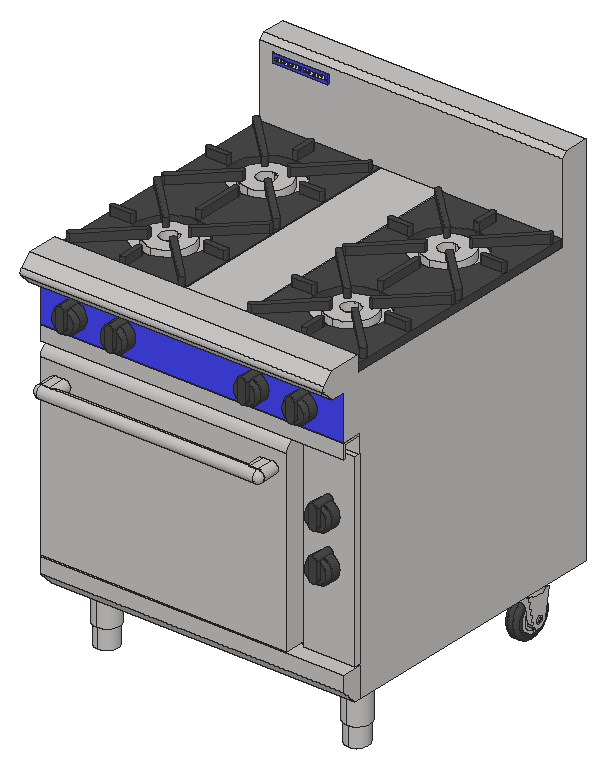
Revit family "QF_MOFFAT_BLUESEAL_CE_GE505D", category Specialty Equipment, Revit 2012
Parameters
  Width = 750 mm  # constant formula
  Weight in Pounds = 401
  Watts = 5500 W
  Volts = 400 V
  URL Cutsheet = "www.moffat.com"
  URL = "www.moffat.com"
  Type Mark [instance] = ""
  Status [instance] = ""
  Specification by User [instance] = ""
  Specification by Manufacturer = ""
  Show Logo [instance] = yes
  Show Clearance [instance] = yes
  Show Casters [instance] = yes
  Serial Number = ""
  Seismic Rating = ""
  SMACNA No = ""
  Revision Code [instance] = ""
  Phase = 3
  Omniclass Number and Title = ""
  Number of Poles [instance] = 1
  NAFEM Spec ID Number = ""
  Model = "GE505D"
  Min Ckt Ampacity = 0 A
  Mechanical Remarks [instance] = ""
  Mechanical Connection Type [instance] = ""
  Max Overcurrent Protection = 0 A
  Masterspec = ""
  Manufacturer = "MOFFAT BLUESEAL"
  Legs [instance] = not(Show Casters)  # no
  Item Number [instance] = ""
  Installed By [instance] = ""
  Identify Quantity as Lot [instance] = yes
  Height = 1085 mm  # constant formula
  HP = ""
  Gas Size = 3/4"
  Gas RI Height [instance] = 0 mm
  Gas KW [instance] = 31.1
  Gas Input [instance] = 106155.0 Btu/h
  Gas Connection Height = 0 mm
  Furnished By [instance] = ""
  Foodservice Equipment Identifier [instance] = yes
  FL Amps = 7.8 A
  Electrical Remarks = "7.8A PER PHASE"
  Electric Connection Type = ""
  Elec Conn RI Height = 0 mm
  Elec Conn Connection Height = 0 mm
  Description = "750MM GAS RANGE WITH ELECTRIC STATIC OVEN"
  Depth = 812 mm  # constant formula
  Cycle = 50 Hz
  Conn Plug = ""
  Conn Conduit = yes
  CSI MasterFormat = ""
  CSI Master Format = ""
  Apparent Power = 0 VA
Reference planes
  plane 1 "BACK": y = 0
  plane 2: z = 0
  plane 3 "LEFT": x = 0
  plane 4 "RIGHT": x = 750
  plane 5 "FRONT": y = -812
  plane 6 "TOP": z = 970
  plane 7 "Center Y": x = 375
  plane 8 "Center X": y = -406
  plane 9: y = -100
  plane 10 "Base Height": z = 150
  plane 11: x = 65.8
  plane 12: x = 620
  plane 13: x = 685
  plane 14: x = 684.2
  plane 15: y = -500
  plane 16: x = 676
  plane 17: z = 1085
Forms (mm)
  Extrusion 1, solid, material "QF_Finishes_Stainless Steel"
    sketch origin (0, 0, 0) x (0, 1, 0) y (0, 0, 1)
      loop
        line (-784.97, 850) -> (-749, 850) -> (-749, 740) -> (-699, 740) -> (-699, 150) -> (0, 150) -> (0, 1085) -> (-57.5, 1085) -> (-70, 1072.5) -> (-70, 875) -> (-705, 875) -> (-705, 915) -> (-783.97, 915) -> (-808.469, 890.501)
        arc (-808.469, 890.501) -> (-811.99, 882) -> (-808.469, 873.499) r 12.022
        line (-808.469, 873.499) -> (-784.97, 850)
    from 0 to 750
  Extrusion 2, solid, material "QF_Finishes_Stainless Steel"
    sketch origin (555.062, 3, 100) x (1, 0, 0) y (0, 1, 0)
      loop
        circle (65, -35) r 13.5
    from 555 to 640
  Revolve 3, solid, material "QF_Finishes_Stainless Steel"
    sketch origin (65, -728, 0) x (0, 1, 0) y (0, 0, 1)
      loop
        line (71.25, 150) -> (71.25, 50) -> (75.5, 50) -> (75.5, 0) -> (103, 0) -> (103, 150) -> (71.25, 150)
      axis (103, 150) -> (103, 0)
    angle from 0 to 360
  Extrusion 4, solid, material "QF_Finishes_Black"
    sketch origin (0, -70, 875) x (0, -1, 0) y (1, 0, 0)
      loop
        arc (1, 4) -> (1.879, 1.879) -> (4, 1) r 3
        line (4, 1) -> (632, 1)
        arc (632, 1) -> (634.121, 1.879) -> (635, 4) r 3
        line (635, 4) -> (635, 297)
        arc (635, 297) -> (634.121, 299.121) -> (632, 300) r 3
        line (632, 300) -> (4, 300)
        arc (4, 300) -> (1.879, 299.121) -> (1, 297) r 3
        line (1, 297) -> (1, 4)
      loop
        circle (167.5, 150) r 85
      loop
        circle (467.768, 150) r 85
    from 0 to 19.5
  Extrusion 5, solid, material "QF_Finishes_Black"
    sketch origin (0, -73.5, 894.5) x (0, -1, 0) y (1, 0, 0)
      loop
        spline (323.602, 15.153) -> (322.681, 13.924) -> (322.131, 12.47) -> (321.99, 10.89) -> (322.267, 9.292) -> (322.943, 7.786) -> (323.973, 6.473) -> (325.286, 5.443) -> (326.792, 4.767) -> (328.39, 4.49) -> (329.97, 4.631) -> (331.424, 5.181) -> (332.653, 6.102)
        line (332.653, 6.102) -> (440.576, 114.025)
        spline (440.576, 114.025) -> (441.337, 115.095) -> (441.738, 116.399) -> (441.751, 117.851) -> (441.375, 119.35) -> (440.637, 120.795) -> (439.586, 122.086) -> (438.295, 123.137) -> (436.85, 123.875) -> (435.351, 124.251) -> (433.899, 124.238) -> (432.595, 123.837) -> (431.525, 123.076)
        line (431.525, 123.076) -> (323.602, 15.153)
      loop
        spline (371.852, 143.6) -> (373.146, 143.818) -> (374.352, 144.457) -> (375.388, 145.475) -> (376.182, 146.8) -> (376.682, 148.344) -> (376.852, 150) -> (376.682, 151.656) -> (376.182, 153.2) -> (375.388, 154.525) -> (374.352, 155.543) -> (373.146, 156.182) -> (371.852, 156.4)
        line (371.852, 156.4) -> (259.398, 156.4)
        spline (259.398, 156.4) -> (258.104, 156.182) -> (256.898, 155.543) -> (255.862, 154.525) -> (255.068, 153.2) -> (254.568, 151.656) -> (254.398, 150) -> (254.568, 148.344) -> (255.068, 146.8) -> (255.862, 145.475) -> (256.898, 144.457) -> (258.104, 143.818) -> (259.398, 143.6)
        line (259.398, 143.6) -> (371.852, 143.6)
      loop
        line (311.398, 15.153) -> (203.475, 123.076)
        spline (203.475, 123.076) -> (202.405, 123.837) -> (201.101, 124.238) -> (199.649, 124.251) -> (198.15, 123.875) -> (196.705, 123.137) -> (195.414, 122.086) -> (194.363, 120.795) -> (193.625, 119.35) -> (193.249, 117.851) -> (193.262, 116.399) -> (193.663, 115.095) -> (194.424, 114.025)
        line (194.424, 114.025) -> (302.347, 6.102)
        spline (302.347, 6.102) -> (303.416, 5.341) -> (304.721, 4.941) -> (306.172, 4.928) -> (307.671, 5.303) -> (309.116, 6.041) -> (310.408, 7.092) -> (311.459, 8.384) -> (312.197, 9.829) -> (312.572, 11.328) -> (312.559, 12.779) -> (312.159, 14.084) -> (311.398, 15.153)
      loop
        line (323.602, 284.847) -> (431.525, 176.924)
        spline (431.525, 176.924) -> (432.595, 176.163) -> (433.899, 175.762) -> (435.351, 175.749) -> (436.85, 176.125) -> (438.295, 176.863) -> (439.586, 177.914) -> (440.637, 179.205) -> (441.375, 180.65) -> (441.751, 182.149) -> (441.738, 183.601) -> (441.337, 184.905) -> (440.576, 185.975)
        line (440.576, 185.975) -> (332.653, 293.898)
        spline (332.653, 293.898) -> (331.424, 294.819) -> (329.97, 295.369) -> (328.39, 295.51) -> (326.792, 295.233) -> (325.286, 294.557) -> (323.973, 293.527) -> (322.943, 292.214) -> (322.267, 290.708) -> (321.99, 289.11) -> (322.131, 287.53) -> (322.681, 286.076) -> (323.602, 284.847)
      loop
        spline (311.398, 284.847) -> (312.159, 285.916) -> (312.559, 287.221) -> (312.572, 288.672) -> (312.197, 290.171) -> (311.459, 291.616) -> (310.408, 292.908) -> (309.116, 293.959) -> (307.671, 294.697) -> (306.172, 295.072) -> (304.721, 295.059) -> (303.416, 294.659) -> (302.347, 293.898)
        line (302.347, 293.898) -> (194.424, 185.975)
        spline (194.424, 185.975) -> (193.663, 184.905) -> (193.262, 183.601) -> (193.249, 182.149) -> (193.625, 180.65) -> (194.363, 179.205) -> (195.414, 177.914) -> (196.705, 176.863) -> (198.15, 176.125) -> (199.649, 175.749) -> (201.101, 175.762) -> (202.405, 176.163) -> (203.475, 176.924)
        line (203.475, 176.924) -> (311.398, 284.847)
      loop
        spline (73.549, 143.6) -> (74.844, 143.818) -> (76.049, 144.457) -> (77.085, 145.475) -> (77.88, 146.8) -> (78.379, 148.344) -> (78.549, 150) -> (78.379, 151.656) -> (77.88, 153.2) -> (77.085, 154.525) -> (76.049, 155.543) -> (74.844, 156.182) -> (73.549, 156.4)
        line (73.549, 156.4) -> (25.093, 156.4)
        spline (25.093, 156.4) -> (23.799, 156.182) -> (22.593, 155.543) -> (21.558, 154.525) -> (20.763, 153.2) -> (20.264, 151.656) -> (20.093, 150) -> (20.264, 148.344) -> (20.763, 146.8) -> (21.558, 145.475) -> (22.593, 144.457) -> (23.799, 143.818) -> (25.093, 143.6)
        line (25.093, 143.6) -> (73.549, 143.6)
      loop
        spline (608.1, 143.6) -> (609.394, 143.818) -> (610.6, 144.457) -> (611.636, 145.475) -> (612.43, 146.8) -> (612.93, 148.344) -> (613.1, 150) -> (612.93, 151.656) -> (612.43, 153.2) -> (611.636, 154.525) -> (610.6, 155.543) -> (609.394, 156.182) -> (608.1, 156.4)
        line (608.1, 156.4) -> (558.644, 156.4)
        spline (558.644, 156.4) -> (557.35, 156.182) -> (556.144, 155.543) -> (555.108, 154.525) -> (554.314, 153.2) -> (553.814, 151.656) -> (553.644, 150) -> (553.814, 148.344) -> (554.314, 146.8) -> (555.108, 145.475) -> (556.144, 144.457) -> (557.35, 143.818) -> (558.644, 143.6)
        line (558.644, 143.6) -> (608.1, 143.6)
      loop
        spline (457.6, 10.156) -> (457.818, 8.862) -> (458.457, 7.656) -> (459.475, 6.62) -> (460.8, 5.826) -> (462.344, 5.326) -> (464, 5.156) -> (465.656, 5.326) -> (467.2, 5.826) -> (468.525, 6.62) -> (469.543, 7.656) -> (470.182, 8.862) -> (470.4, 10.156)
        line (470.4, 10.156) -> (470.4, 58.612)
        spline (470.4, 58.612) -> (470.182, 59.906) -> (469.543, 61.112) -> (468.525, 62.148) -> (467.2, 62.942) -> (465.656, 63.442) -> (464, 63.612) -> (462.344, 63.442) -> (460.8, 62.942) -> (459.475, 62.148) -> (458.457, 61.112) -> (457.818, 59.906) -> (457.6, 58.612)
        line (457.6, 58.612) -> (457.6, 10.156)
      loop
        spline (160.966, 10.156) -> (161.184, 8.862) -> (161.823, 7.656) -> (162.841, 6.62) -> (164.166, 5.826) -> (165.71, 5.326) -> (167.366, 5.156) -> (169.022, 5.326) -> (170.566, 5.826) -> (171.892, 6.62) -> (172.909, 7.656) -> (173.548, 8.862) -> (173.766, 10.156)
        line (173.766, 10.156) -> (173.766, 58.612)
        spline (173.766, 58.612) -> (173.548, 59.906) -> (172.909, 61.112) -> (171.892, 62.148) -> (170.566, 62.942) -> (169.022, 63.442) -> (167.366, 63.612) -> (165.71, 63.442) -> (164.166, 62.942) -> (162.841, 62.148) -> (161.823, 61.112) -> (161.184, 59.906) -> (160.966, 58.612)
        line (160.966, 58.612) -> (160.966, 10.156)
      loop
        spline (457.6, 241.636) -> (457.818, 240.342) -> (458.457, 239.136) -> (459.475, 238.1) -> (460.8, 237.306) -> (462.344, 236.806) -> (464, 236.636) -> (465.656, 236.806) -> (467.2, 237.306) -> (468.525, 238.1) -> (469.543, 239.136) -> (470.182, 240.342) -> (470.4, 241.636)
        line (470.4, 241.636) -> (470.4, 290.092)
        spline (470.4, 290.092) -> (470.182, 291.386) -> (469.543, 292.592) -> (468.525, 293.628) -> (467.2, 294.422) -> (465.656, 294.922) -> (464, 295.092) -> (462.344, 294.922) -> (460.8, 294.422) -> (459.475, 293.628) -> (458.457, 292.592) -> (457.818, 291.386) -> (457.6, 290.092)
        line (457.6, 290.092) -> (457.6, 241.636)
      loop
        spline (160.966, 241.636) -> (161.184, 240.342) -> (161.823, 239.136) -> (162.841, 238.1) -> (164.166, 237.306) -> (165.71, 236.806) -> (167.366, 236.636) -> (169.022, 236.806) -> (170.566, 237.306) -> (171.892, 238.1) -> (172.909, 239.136) -> (173.548, 240.342) -> (173.766, 241.636)
        line (173.766, 241.636) -> (173.766, 290.092)
        spline (173.766, 290.092) -> (173.548, 291.386) -> (172.909, 292.592) -> (171.892, 293.628) -> (170.566, 294.422) -> (169.022, 294.922) -> (167.366, 295.092) -> (165.71, 294.922) -> (164.166, 294.422) -> (162.841, 293.628) -> (161.823, 292.592) -> (161.184, 291.386) -> (160.966, 290.092)
        line (160.966, 290.092) -> (160.966, 241.636)
      loop
        line (323.602, 734.847) -> (431.525, 626.924)
        spline (431.525, 626.924) -> (432.595, 626.163) -> (433.899, 625.762) -> (435.351, 625.749) -> (436.85, 626.125) -> (438.295, 626.863) -> (439.586, 627.914) -> (440.637, 629.205) -> (441.375, 630.65) -> (441.751, 632.149) -> (441.738, 633.601) -> (441.337, 634.905) -> (440.576, 635.975)
        line (440.576, 635.975) -> (332.653, 743.898)
        spline (332.653, 743.898) -> (331.424, 744.819) -> (329.97, 745.369) -> (328.39, 745.51) -> (326.792, 745.233) -> (325.286, 744.557) -> (323.973, 743.527) -> (322.943, 742.214) -> (322.267, 740.708) -> (321.99, 739.11) -> (322.131, 737.53) -> (322.681, 736.076) -> (323.602, 734.847)
      loop
        line (371.852, 606.4) -> (259.398, 606.4)
        spline (259.398, 606.4) -> (258.104, 606.182) -> (256.898, 605.543) -> (255.862, 604.525) -> (255.068, 603.2) -> (254.568, 601.656) -> (254.398, 600) -> (254.568, 598.344) -> (255.068, 596.8) -> (255.862, 595.475) -> (256.898, 594.457) -> (258.104, 593.818) -> (259.398, 593.6)
        line (259.398, 593.6) -> (371.852, 593.6)
        spline (371.852, 593.6) -> (373.146, 593.818) -> (374.352, 594.457) -> (375.388, 595.475) -> (376.182, 596.8) -> (376.682, 598.344) -> (376.852, 600) -> (376.682, 601.656) -> (376.182, 603.2) -> (375.388, 604.525) -> (374.352, 605.543) -> (373.146, 606.182) -> (371.852, 606.4)
      loop
        spline (311.398, 734.847) -> (312.159, 735.916) -> (312.559, 737.221) -> (312.572, 738.672) -> (312.197, 740.171) -> (311.459, 741.616) -> (310.408, 742.908) -> (309.116, 743.959) -> (307.671, 744.697) -> (306.172, 745.072) -> (304.721, 745.059) -> (303.416, 744.659) -> (302.347, 743.898)
        line (302.347, 743.898) -> (194.424, 635.975)
        spline (194.424, 635.975) -> (193.663, 634.905) -> (193.262, 633.601) -> (193.249, 632.149) -> (193.625, 630.65) -> (194.363, 629.205) -> (195.414, 627.914) -> (196.705, 626.863) -> (198.15, 626.125) -> (199.649, 625.749) -> (201.101, 625.762) -> (202.405, 626.163) -> (203.475, 626.924)
        line (203.475, 626.924) -> (311.398, 734.847)
      loop
        spline (323.602, 465.153) -> (322.681, 463.924) -> (322.131, 462.47) -> (321.99, 460.89) -> (322.267, 459.292) -> (322.943, 457.786) -> (323.973, 456.473) -> (325.286, 455.443) -> (326.792, 454.767) -> (328.39, 454.49) -> (329.97, 454.631) -> (331.424, 455.181) -> (332.653, 456.102)
        line (332.653, 456.102) -> (440.576, 564.025)
        spline (440.576, 564.025) -> (441.337, 565.095) -> (441.738, 566.399) -> (441.751, 567.851) -> (441.375, 569.35) -> (440.637, 570.795) -> (439.586, 572.086) -> (438.295, 573.137) -> (436.85, 573.875) -> (435.351, 574.251) -> (433.899, 574.238) -> (432.595, 573.837) -> (431.525, 573.076)
        line (431.525, 573.076) -> (323.602, 465.153)
      loop
        line (311.398, 465.153) -> (203.475, 573.076)
        spline (203.475, 573.076) -> (202.405, 573.837) -> (201.101, 574.238) -> (199.649, 574.251) -> (198.15, 573.875) -> (196.705, 573.137) -> (195.414, 572.086) -> (194.363, 570.795) -> (193.625, 569.35) -> (193.249, 567.851) -> (193.262, 566.399) -> (193.663, 565.095) -> (194.424, 564.025)
        line (194.424, 564.025) -> (302.347, 456.102)
        spline (302.347, 456.102) -> (303.416, 455.341) -> (304.721, 454.941) -> (306.172, 454.928) -> (307.671, 455.303) -> (309.116, 456.041) -> (310.408, 457.092) -> (311.459, 458.384) -> (312.197, 459.829) -> (312.572, 461.328) -> (312.559, 462.779) -> (312.159, 464.084) -> (311.398, 465.153)
      loop
        line (73.549, 606.4) -> (25.093, 606.4)
        spline (25.093, 606.4) -> (23.799, 606.182) -> (22.593, 605.543) -> (21.558, 604.525) -> (20.763, 603.2) -> (20.264, 601.656) -> (20.093, 600) -> (20.264, 598.344) -> (20.763, 596.8) -> (21.558, 595.475) -> (22.593, 594.457) -> (23.799, 593.818) -> (25.093, 593.6)
        line (25.093, 593.6) -> (73.549, 593.6)
        spline (73.549, 593.6) -> (74.844, 593.818) -> (76.049, 594.457) -> (77.085, 595.475) -> (77.88, 596.8) -> (78.379, 598.344) -> (78.549, 600) -> (78.379, 601.656) -> (77.88, 603.2) -> (77.085, 604.525) -> (76.049, 605.543) -> (74.844, 606.182) -> (73.549, 606.4)
      loop
        line (608.1, 606.4) -> (558.644, 606.4)
        spline (558.644, 606.4) -> (557.35, 606.182) -> (556.144, 605.543) -> (555.108, 604.525) -> (554.314, 603.2) -> (553.814, 601.656) -> (553.644, 600) -> (553.814, 598.344) -> (554.314, 596.8) -> (555.108, 595.475) -> (556.144, 594.457) -> (557.35, 593.818) -> (558.644, 593.6)
        line (558.644, 593.6) -> (608.1, 593.6)
        spline (608.1, 593.6) -> (609.394, 593.818) -> (610.6, 594.457) -> (611.636, 595.475) -> (612.43, 596.8) -> (612.93, 598.344) -> (613.1, 600) -> (612.93, 601.656) -> (612.43, 603.2) -> (611.636, 604.525) -> (610.6, 605.543) -> (609.394, 606.182) -> (608.1, 606.4)
      loop
        line (457.6, 739.844) -> (457.6, 691.388)
        spline (457.6, 691.388) -> (457.818, 690.094) -> (458.457, 688.888) -> (459.475, 687.852) -> (460.8, 687.058) -> (462.344, 686.558) -> (464, 686.388) -> (465.656, 686.558) -> (467.2, 687.058) -> (468.525, 687.852) -> (469.543, 688.888) -> (470.182, 690.094) -> (470.4, 691.388)
        line (470.4, 691.388) -> (470.4, 739.844)
        spline (470.4, 739.844) -> (470.182, 741.138) -> (469.543, 742.344) -> (468.525, 743.38) -> (467.2, 744.174) -> (465.656, 744.674) -> (464, 744.844) -> (462.344, 744.674) -> (460.8, 744.174) -> (459.475, 743.38) -> (458.457, 742.344) -> (457.818, 741.138) -> (457.6, 739.844)
      loop
        line (160.966, 739.844) -> (160.966, 691.388)
        spline (160.966, 691.388) -> (161.184, 690.094) -> (161.823, 688.888) -> (162.841, 687.852) -> (164.166, 687.058) -> (165.71, 686.558) -> (167.366, 686.388) -> (169.022, 686.558) -> (170.566, 687.058) -> (171.892, 687.852) -> (172.909, 688.888) -> (173.548, 690.094) -> (173.766, 691.388)
        line (173.766, 691.388) -> (173.766, 739.844)
        spline (173.766, 739.844) -> (173.548, 741.138) -> (172.909, 742.344) -> (171.892, 743.38) -> (170.566, 744.174) -> (169.022, 744.674) -> (167.366, 744.844) -> (165.71, 744.674) -> (164.166, 744.174) -> (162.841, 743.38) -> (161.823, 742.344) -> (161.184, 741.138) -> (160.966, 739.844)
      loop
        line (457.6, 508.364) -> (457.6, 459.908)
        spline (457.6, 459.908) -> (457.818, 458.614) -> (458.457, 457.408) -> (459.475, 456.372) -> (460.8, 455.578) -> (462.344, 455.078) -> (464, 454.908) -> (465.656, 455.078) -> (467.2, 455.578) -> (468.525, 456.372) -> (469.543, 457.408) -> (470.182, 458.614) -> (470.4, 459.908)
        line (470.4, 459.908) -> (470.4, 508.364)
        spline (470.4, 508.364) -> (470.182, 509.658) -> (469.543, 510.864) -> (468.525, 511.9) -> (467.2, 512.694) -> (465.656, 513.194) -> (464, 513.364) -> (462.344, 513.194) -> (460.8, 512.694) -> (459.475, 511.9) -> (458.457, 510.864) -> (457.818, 509.658) -> (457.6, 508.364)
      loop
        line (160.966, 508.364) -> (160.966, 459.908)
        spline (160.966, 459.908) -> (161.184, 458.614) -> (161.823, 457.408) -> (162.841, 456.372) -> (164.166, 455.578) -> (165.71, 455.078) -> (167.366, 454.908) -> (169.022, 455.078) -> (170.566, 455.578) -> (171.892, 456.372) -> (172.909, 457.408) -> (173.548, 458.614) -> (173.766, 459.908)
        line (173.766, 459.908) -> (173.766, 508.364)
        spline (173.766, 508.364) -> (173.548, 509.658) -> (172.909, 510.864) -> (171.892, 511.9) -> (170.566, 512.694) -> (169.022, 513.194) -> (167.366, 513.364) -> (165.71, 513.194) -> (164.166, 512.694) -> (162.841, 511.9) -> (161.823, 510.864) -> (161.184, 509.658) -> (160.966, 508.364)
      loop
        spline (604.398, 734.847) -> (605.319, 736.076) -> (605.869, 737.53) -> (606.01, 739.11) -> (605.733, 740.708) -> (605.057, 742.214) -> (604.027, 743.527) -> (602.714, 744.557) -> (601.208, 745.233) -> (599.61, 745.51) -> (598.03, 745.369) -> (596.576, 744.819) -> (595.347, 743.898)
        line (595.347, 743.898) -> (487.424, 635.975)
        spline (487.424, 635.975) -> (486.663, 634.905) -> (486.262, 633.601) -> (486.249, 632.149) -> (486.625, 630.65) -> (487.363, 629.205) -> (488.414, 627.914) -> (489.705, 626.863) -> (491.15, 626.125) -> (492.649, 625.749) -> (494.101, 625.762) -> (495.405, 626.163) -> (496.475, 626.924)
        line (496.475, 626.924) -> (604.398, 734.847)
      loop
        line (604.398, 465.153) -> (496.475, 573.076)
        spline (496.475, 573.076) -> (495.405, 573.837) -> (494.101, 574.238) -> (492.649, 574.251) -> (491.15, 573.875) -> (489.705, 573.137) -> (488.414, 572.086) -> (487.363, 570.795) -> (486.625, 569.35) -> (486.249, 567.851) -> (486.262, 566.399) -> (486.663, 565.095) -> (487.424, 564.025)
        line (487.424, 564.025) -> (595.347, 456.102)
        spline (595.347, 456.102) -> (596.576, 455.181) -> (598.03, 454.631) -> (599.61, 454.49) -> (601.208, 454.767) -> (602.714, 455.443) -> (604.027, 456.473) -> (605.057, 457.786) -> (605.733, 459.292) -> (606.01, 460.89) -> (605.869, 462.47) -> (605.319, 463.924) -> (604.398, 465.153)
      loop
        line (604.398, 15.153) -> (496.475, 123.076)
        spline (496.475, 123.076) -> (495.405, 123.837) -> (494.101, 124.238) -> (492.649, 124.251) -> (491.15, 123.875) -> (489.705, 123.137) -> (488.414, 122.086) -> (487.363, 120.795) -> (486.625, 119.35) -> (486.249, 117.851) -> (486.262, 116.399) -> (486.663, 115.095) -> (487.424, 114.025)
        line (487.424, 114.025) -> (595.347, 6.102)
        spline (595.347, 6.102) -> (596.576, 5.181) -> (598.03, 4.631) -> (599.61, 4.49) -> (601.208, 4.767) -> (602.714, 5.443) -> (604.027, 6.473) -> (605.057, 7.786) -> (605.733, 9.292) -> (606.01, 10.89) -> (605.869, 12.47) -> (605.319, 13.924) -> (604.398, 15.153)
      loop
        spline (604.398, 284.847) -> (605.319, 286.076) -> (605.869, 287.53) -> (606.01, 289.11) -> (605.733, 290.708) -> (605.057, 292.214) -> (604.027, 293.527) -> (602.714, 294.557) -> (601.208, 295.233) -> (599.61, 295.51) -> (598.03, 295.369) -> (596.576, 294.819) -> (595.347, 293.898)
        line (595.347, 293.898) -> (487.424, 185.975)
        spline (487.424, 185.975) -> (486.663, 184.905) -> (486.262, 183.601) -> (486.249, 182.149) -> (486.625, 180.65) -> (487.363, 179.205) -> (488.414, 177.914) -> (489.705, 176.863) -> (491.15, 176.125) -> (492.649, 175.749) -> (494.101, 175.762) -> (495.405, 176.163) -> (496.475, 176.924)
        line (496.475, 176.924) -> (604.398, 284.847)
      loop
        line (16.602, 734.847) -> (124.525, 626.924)
        spline (124.525, 626.924) -> (125.595, 626.163) -> (126.899, 625.762) -> (128.351, 625.749) -> (129.85, 626.125) -> (131.295, 626.863) -> (132.586, 627.914) -> (133.637, 629.205) -> (134.375, 630.65) -> (134.751, 632.149) -> (134.738, 633.601) -> (134.337, 634.905) -> (133.576, 635.975)
        line (133.576, 635.975) -> (25.653, 743.898)
        spline (25.653, 743.898) -> (24.584, 744.659) -> (23.279, 745.059) -> (21.828, 745.072) -> (20.329, 744.697) -> (18.884, 743.959) -> (17.592, 742.908) -> (16.541, 741.616) -> (15.803, 740.171) -> (15.428, 738.672) -> (15.441, 737.221) -> (15.841, 735.916) -> (16.602, 734.847)
      loop
        spline (16.602, 465.153) -> (15.841, 464.084) -> (15.441, 462.779) -> (15.428, 461.328) -> (15.803, 459.829) -> (16.541, 458.384) -> (17.592, 457.092) -> (18.884, 456.041) -> (20.329, 455.303) -> (21.828, 454.928) -> (23.279, 454.941) -> (24.584, 455.341) -> (25.653, 456.102)
        line (25.653, 456.102) -> (133.576, 564.025)
        spline (133.576, 564.025) -> (134.337, 565.095) -> (134.738, 566.399) -> (134.751, 567.851) -> (134.375, 569.35) -> (133.637, 570.795) -> (132.586, 572.086) -> (131.295, 573.137) -> (129.85, 573.875) -> (128.351, 574.251) -> (126.899, 574.238) -> (125.595, 573.837) -> (124.525, 573.076)
        line (124.525, 573.076) -> (16.602, 465.153)
      loop
        spline (16.602, 15.153) -> (15.841, 14.084) -> (15.441, 12.779) -> (15.428, 11.328) -> (15.803, 9.829) -> (16.541, 8.384) -> (17.592, 7.092) -> (18.884, 6.041) -> (20.329, 5.303) -> (21.828, 4.928) -> (23.279, 4.941) -> (24.584, 5.341) -> (25.653, 6.102)
        line (25.653, 6.102) -> (133.576, 114.025)
        spline (133.576, 114.025) -> (134.337, 115.095) -> (134.738, 116.399) -> (134.751, 117.851) -> (134.375, 119.35) -> (133.637, 120.795) -> (132.586, 122.086) -> (131.295, 123.137) -> (129.85, 123.875) -> (128.351, 124.251) -> (126.899, 124.238) -> (125.595, 123.837) -> (124.525, 123.076)
        line (124.525, 123.076) -> (16.602, 15.153)
      loop
        line (16.602, 284.847) -> (124.525, 176.924)
        spline (124.525, 176.924) -> (125.595, 176.163) -> (126.899, 175.762) -> (128.351, 175.749) -> (129.85, 176.125) -> (131.295, 176.863) -> (132.586, 177.914) -> (133.637, 179.205) -> (134.375, 180.65) -> (134.751, 182.149) -> (134.738, 183.601) -> (134.337, 184.905) -> (133.576, 185.975)
        line (133.576, 185.975) -> (25.653, 293.898)
        spline (25.653, 293.898) -> (24.584, 294.659) -> (23.279, 295.059) -> (21.828, 295.072) -> (20.329, 294.697) -> (18.884, 293.959) -> (17.592, 292.908) -> (16.541, 291.616) -> (15.803, 290.171) -> (15.428, 288.672) -> (15.441, 287.221) -> (15.841, 285.916) -> (16.602, 284.847)
    from 0 to 20.5
  Revolve 6, solid, material "QF_Finishes_Stainless Steel"
    sketch origin (685, -728, 0) x (0, 1, 0) y (0, 0, -1)
      loop
        line (71.25, -150) -> (103, -150) -> (103, 0) -> (75.5, 0) -> (75.5, -50) -> (71.25, -50) -> (71.25, -150)
      axis (103, -150) -> (103, 0)
    angle from 0 to 360
  Extrusion 7, solid, material "QF_Finishes_Stainless Steel"
    sketch origin (0, -70, 875) x (0, -1, 0) y (1, 0, 0)
      loop
        line (634, 300) -> (634, 450) -> (0, 450) -> (0, 300) -> (634, 300)
    from 0 to 19.5
  Extrusion 8, void
    sketch origin (0, -749, 227.5) x (0, 0, -1) y (-1, 0, 0)
      loop
        line (-465, -610) -> (-465, -625) -> (0, -625) -> (0, -610) -> (-465, -610)
    from -7 to 50
  Extrusion 9, solid, material "QF_Finishes_Black"
    sketch origin (750, -70, 875) x (0, -1, 0) y (1, 0, 0)
      loop
        line (1, -4) -> (1, -297)
        arc (1, -297) -> (1.879, -299.121) -> (4, -300) r 3
        line (4, -300) -> (632, -300)
        arc (632, -300) -> (634.121, -299.121) -> (635, -297) r 3
        line (635, -297) -> (635, -4)
        arc (635, -4) -> (634.121, -1.879) -> (632, -1) r 3
        line (632, -1) -> (4, -1)
        arc (4, -1) -> (1.879, -1.879) -> (1, -4) r 3
      loop
        circle (167.5, -150) r 85
      loop
        circle (467.768, -150) r 85
    from 0 to 19.5
  Revolve 10, solid, material "QF_Finishes_Black"
    sketch origin (210, 7, 758.895) x (0, -1, 0) y (0, 0, 1)
      loop
        line (789, 69.605) -> (766, 69.605) -> (766, 42.105) -> (756, 42.105) -> (756, 37.105) -> (800, 37.105) -> (800, 63.757) -> (789, 69.605)
      axis (800, 37.105) -> (756, 37.105)
    angle from 0 to 360
  Revolve 11, solid, material "QF_Finishes_Black"
    sketch origin (89.999, 7, 758.768) x (0, 1, 0) y (0, 0, -1)
      loop
        line (-789, -69.5) -> (-766, -69.5) -> (-766, -42) -> (-756, -42) -> (-756, -37) -> (-800, -37) -> (-800, -63.651) -> (-789, -69.5)
      axis (-800, -37) -> (-756, -37)
    angle from 0 to 360
  Extrusion 12, solid, material "QF_Finishes_Black"
    sketch origin (228.269, 7, 758.926) x (-1, 0, 0) y (0, 0, -1)
      loop
        arc (148.269, -24.969) -> (138.269, -14.969) -> (128.269, -24.969) r 10
        line (128.269, -24.969) -> (128.269, -63.969)
        arc (128.269, -63.969) -> (138.269, -73.969) -> (148.269, -63.969) r 10
        line (148.269, -63.969) -> (148.269, -24.969)
    from 759 to 808
  Extrusion 13, solid, material "QF_Finishes_Black"
    sketch origin (349.45, 7, 758.926) x (-1, 0, 0) y (0, 0, -1)
      loop
        arc (148.269, -24.969) -> (138.269, -14.969) -> (128.269, -24.969) r 10
        line (128.269, -24.969) -> (128.269, -63.969)
        arc (128.269, -63.969) -> (138.269, -73.969) -> (148.269, -63.969) r 10
        line (148.269, -63.969) -> (148.269, -24.969)
    from 759 to 808
  Revolve 14, solid, material "QF_Finishes_Black"
    sketch origin (540, 7, 758.895) x (0, -1, 0) y (0, 0, -1)
      loop
        line (789, -69.605) -> (800, -63.757) -> (800, -37.105) -> (756, -37.105) -> (756, -42.105) -> (766, -42.105) -> (766, -69.605) -> (789, -69.605)
      axis (800, -37.105) -> (756, -37.105)
    angle from 0 to 360
  Revolve 15, solid, material "QF_Finishes_Black"
    sketch origin (660.001, 7, 758.768) x (0, 1, 0) y (0, 0, 1)
      loop
        line (-789, 69.5) -> (-800, 63.651) -> (-800, 37) -> (-756, 37) -> (-756, 42) -> (-766, 42) -> (-766, 69.5) -> (-789, 69.5)
      axis (-800, 37) -> (-756, 37)
    angle from 0 to 360
  Extrusion 16, solid, material "QF_Finishes_Black"
    sketch origin (521.731, 7, 758.926) x (1, 0, 0) y (0, 0, 1)
      loop
        line (148.269, 24.969) -> (148.269, 63.969)
        arc (148.269, 63.969) -> (138.269, 73.969) -> (128.269, 63.969) r 10
        line (128.269, 63.969) -> (128.269, 24.969)
        arc (128.269, 24.969) -> (138.269, 14.969) -> (148.269, 24.969) r 10
    from 759 to 808
  Extrusion 17, solid, material "QF_Finishes_Black"
    sketch origin (401.731, 7, 758.926) x (1, 0, 0) y (0, 0, 1)
      loop
        line (148.269, 24.969) -> (148.269, 63.969)
        arc (148.269, 63.969) -> (138.269, 73.969) -> (128.269, 63.969) r 10
        line (128.269, 63.969) -> (128.269, 24.969)
        arc (128.269, 24.969) -> (138.269, 14.969) -> (148.269, 24.969) r 10
    from 759 to 808
  Revolve 18, solid, material "QF_Finishes_Black"
    sketch origin (687.53, 42.5, 355.134) x (0, 1, 0) y (0, 0, 1)
      loop
        line (-789, 229.5) -> (-800, 223.651) -> (-800, 197) -> (-756, 197) -> (-756, 202) -> (-766, 202) -> (-766, 229.5) -> (-789, 229.5)
      axis (-800, 197) -> (-756, 197)
    angle from 0 to 360
  Extrusion 19, solid, material "QF_Finishes_Black"
    sketch origin (549.26, 42.5, 355.292) x (1, 0, 0) y (0, 0, 1)
      loop
        line (148.269, 184.969) -> (148.269, 223.969)
        arc (148.269, 223.969) -> (138.269, 233.969) -> (128.269, 223.969) r 10
        line (128.269, 223.969) -> (128.269, 184.969)
        arc (128.269, 184.969) -> (138.269, 174.969) -> (148.269, 184.969) r 10
    from 759 to 808
  Extrusion 20, solid, material "QF_Door-Drawer Clearances", visible <- "Show Clearance", detail levels coarse
    sketch origin (0, 7, 0) x (0, -1, 0) y (0, 0, 1)
      loop
        line (756, 690.016) -> (756, 227.5) -> (1218.516, 227.5)
        arc (1218.516, 227.5) -> (1083.048, 554.548) -> (756, 690.016) r 462.516
    from 0 to -610
  Extrusion 21, void
    sketch origin (0, 0, 150) x (-1, 0, 0) y (0, -1, 0)
      loop
        line (-681, 87.26) -> (-681, -30.24) -> (-551.5, -30.24) -> (-551.5, 38.76) -> (-600, 87.26) -> (-681, 87.26)
    from 72.5 to 590
  Extrusion 22, void
    sketch origin (35, -749, 227.5) x (0, 0, -1) y (-1, 0, 0)
      loop
        line (-472.5, -590) -> (-472.5, -715) -> (0, -715) -> (0, -590) -> (-472.5, -590)
    from -7 to 35
  Extrusion 23, solid, material "QF_Finishes_Stainless Steel"
    sketch origin (0, -70, 875) x (0, -1, 0) y (1, 0, 0)
      loop
        circle (467.5, 600) r 57
      loop
        circle (167.5, 600) r 57
      loop
        circle (467.5, 600) r 22
      loop
        circle (167.5, 600) r 22
      loop
        circle (467.5, 150) r 57
      loop
        circle (167.5, 150) r 57
      loop
        circle (467.5, 150) r 22
      loop
        circle (167.5, 150) r 22
    from 0 to 19.5
  Extrusion 24, solid, material "QF_Finishes_Stainless Steel"
    sketch origin (0, -749, 227.5) x (0, 0, 1) y (-1, 0, 0)
      loop
        line (380.625, -38.246) -> (380.625, -58.528)
        arc (380.625, -58.528) -> (395.625, -73.528) -> (410.625, -58.528) r 15
        line (410.625, -58.528) -> (410.625, -38.246)
        arc (410.625, -38.246) -> (395.625, -23.246) -> (380.625, -38.246) r 15
      loop
        arc (380.625, -573.039) -> (395.625, -588.039) -> (410.625, -573.039) r 15
        line (410.625, -573.039) -> (410.625, -552.757)
        arc (410.625, -552.757) -> (395.625, -537.757) -> (380.625, -552.757) r 15
        line (380.625, -552.757) -> (380.625, -573.039)
    from 0 to 44
  Revolve 25, solid, material "QF_Finishes_Stainless Steel"
    sketch origin (0, -793, 0) x (1, 0, 0) y (0, 0, 1)
      loop
        arc (588.039, 623.125) -> (583.646, 633.732) -> (573.039, 638.125) r 15
        line (573.039, 638.125) -> (38.246, 638.125)
        arc (38.246, 638.125) -> (27.64, 633.732) -> (23.246, 623.125) r 15
        line (23.246, 623.125) -> (588.039, 623.125)
      axis (588.039, 623.125) -> (23.246, 623.125)
    angle from 0 to 360
  Extrusion 26, solid, material "QF_Finishes_Stainless Steel"
    sketch origin (0, 7, 0) x (0, 1, 0) y (0, 0, 1)
      loop
        line (-706, 227.5) -> (-706, 692.5) -> (-729.805, 692.5)
        arc (-729.805, 692.5) -> (-748.328, 684.828) -> (-756, 666.305) r 26.195
        line (-756, 666.305) -> (-756, 227.5) -> (-706, 227.5)
    from 0 to 750
  Extrusion 27, solid, material "QF_Finishes_Stainless Steel"
    sketch origin (0, 7, 0) x (0, 1, 0) y (0, 0, 1)
      loop
        line (-756, 738) -> (-756, 703) -> (-752.98, 703) -> (-752.98, 735) -> (-708, 735) -> (-708, 738) -> (-756, 738)
    from 0 to 750
  Extrusion 28, solid, material "QF_Finishes_Stainless Steel"
    sketch origin (0, 7, 0) x (0, 1, 0) y (0, 0, 1)
      loop
        line (-706, 222.5) -> (-756, 222.5) -> (-756, 186) -> (-720, 150) -> (-706, 150) -> (-706, 222.5)
    from 0 to 750
  Extrusion 29, solid, material "QF_Finishes_Stainless Steel"
    sketch origin (0, 0, 150) x (-1, 0, 0) y (0, -1, 0)
      loop
        circle (-676, 501) r 6.35
    from 0 to -1.6
  Extrusion 30, solid, material "QF_Finishes_Stainless Steel", visible <- "Show Casters"
    sketch origin (71.501, 133.353, -8.783) x (0, 1, 0) y (0, 0, 1)
      loop
        line (-201.603, 118.783) -> (-265.103, 118.783) -> (-252.746, 53.895)
        arc (-252.746, 53.895) -> (-233.353, 38.783) -> (-213.959, 53.895) r 20
        line (-213.959, 53.895) -> (-201.603, 118.783)
    from -35.667 to 22.923
  Revolve 31, solid, material "QF_Finishes_Stainless Steel", visible <- "Show Casters"
    sketch origin (65, -203, 0) x (0, 1, 0) y (0, 0, 1)
      loop
        line (67.25, 150) -> (67.25, 110) -> (103, 110) -> (103, 150) -> (67.25, 150)
      axis (103, 150) -> (103, 110)
    angle from 0 to 360
  Revolve 32, solid, material "QF_Finishes_Stainless Steel", visible <- "Show Casters"
    sketch origin (685, -203, 0) x (0, 1, 0) y (0, 0, -1)
      loop
        line (67.25, -150) -> (103, -150) -> (103, -110) -> (67.25, -110) -> (67.25, -150)
      axis (103, -150) -> (103, -110)
    angle from 0 to 360
  Revolve 33, solid, material "QF_Finishes_Stainless Steel", visible <- "Show Casters"
    sketch origin (635.776, -99.755, -13.653) x (1, 0, 0) y (0, 0, 1)
      loop
        line (14.841, 64.453) -> (83.584, 64.453) -> (83.584, 67.958) -> (82.314, 69.228) -> (80.79, 69.228) -> (80.79, 72.674) -> (68.644, 72.674) -> (68.644, 82.639) -> (65.088, 84.692) -> (63.738, 93.028) -> (65.881, 93.028) -> (65.881, 99.378) -> (65.088, 99.378) -> (65.088, 105.728)
        arc (65.088, 105.728) -> (62.298, 112.463) -> (55.563, 115.253) r 9.525
        line (55.563, 115.253) -> (42.863, 115.253)
        arc (42.863, 115.253) -> (36.127, 112.463) -> (33.338, 105.728) r 9.525
        line (33.338, 105.728) -> (33.338, 99.378) -> (32.544, 99.378) -> (32.544, 93.028) -> (34.687, 93.028) -> (33.352, 84.781) -> (29.782, 82.719) -> (29.782, 72.674) -> (17.635, 72.674) -> (17.635, 69.228) -> (16.111, 69.228) -> (14.841, 67.958) -> (14.841, 64.453)
      axis (14.841, 64.453) -> (83.584, 64.453)
    angle from 0 to 360
  Extrusion 34, solid, material "QF_Finishes_Stainless Steel", visible <- "Show Casters"
    sketch origin (691.501, 133.353, -8.783) x (0, 1, 0) y (0, 0, 1)
      loop
        line (-201.603, 118.783) -> (-265.103, 118.783) -> (-252.746, 53.895)
        arc (-252.746, 53.895) -> (-233.353, 38.783) -> (-213.959, 53.895) r 20
        line (-213.959, 53.895) -> (-201.603, 118.783)
    from -35.667 to 22.923
  Revolve 35, solid, material "QF_Finishes_Stainless Steel", visible <- "Legs"
    sketch origin (65, -165, 0) x (0, 1, 0) y (0, 0, 1)
      loop
        line (33.25, 150) -> (33.25, 50) -> (37.5, 50) -> (37.5, 0) -> (65, 0) -> (65, 150) -> (33.25, 150)
      axis (65, 150) -> (65, 0)
    angle from 0 to 360
  Revolve 36, solid, material "QF_Finishes_Stainless Steel", visible <- "Legs"
    sketch origin (685, -165, 0) x (0, 1, 0) y (0, 0, -1)
      loop
        line (33.25, -150) -> (65, -150) -> (65, 0) -> (37.5, 0) -> (37.5, -50) -> (33.25, -50) -> (33.25, -150)
      axis (65, -150) -> (65, 0)
    angle from 0 to 360
  Revolve 37, solid, material "QF_Finishes_Stainless Steel", visible <- "Show Casters"
    sketch origin (114.224, -99.755, -13.653) x (-1, 0, 0) y (0, 0, -1)
      loop
        line (14.841, -64.453) -> (14.841, -67.958) -> (16.111, -69.228) -> (17.635, -69.228) -> (17.635, -72.674) -> (29.782, -72.674) -> (29.782, -82.719) -> (33.352, -84.781) -> (34.687, -93.028) -> (32.544, -93.028) -> (32.544, -99.378) -> (33.338, -99.378) -> (33.338, -105.728)
        arc (33.338, -105.728) -> (36.127, -112.463) -> (42.863, -115.253) r 9.525
        line (42.863, -115.253) -> (55.563, -115.253)
        arc (55.563, -115.253) -> (62.298, -112.463) -> (65.088, -105.728) r 9.525
        line (65.088, -105.728) -> (65.088, -99.378) -> (65.881, -99.378) -> (65.881, -93.028) -> (63.738, -93.028) -> (65.088, -84.692) -> (68.644, -82.639) -> (68.644, -72.674) -> (80.79, -72.674) -> (80.79, -69.228) -> (82.314, -69.228) -> (83.584, -67.958) -> (83.584, -64.453) -> (14.841, -64.453)
      axis (14.841, -64.453) -> (83.584, -64.453)
    angle from 0 to 360
  Revolve 38, solid, material "QF_Finishes_Black"
    sketch origin (687.53, 42.5, 237.634) x (0, 1, 0) y (0, 0, 1)
      loop
        line (-789, 229.5) -> (-800, 223.651) -> (-800, 197) -> (-756, 197) -> (-756, 202) -> (-766, 202) -> (-766, 229.5) -> (-789, 229.5)
      axis (-800, 197) -> (-756, 197)
    angle from 0 to 360
  Extrusion 39, solid, material "QF_Finishes_Black"
    sketch origin (549.26, 42.5, 237.792) x (1, 0, 0) y (0, 0, 1)
      loop
        line (148.269, 184.969) -> (148.269, 223.969)
        arc (148.269, 223.969) -> (138.269, 233.969) -> (128.269, 223.969) r 10
        line (128.269, 223.969) -> (128.269, 184.969)
        arc (128.269, 184.969) -> (138.269, 174.969) -> (148.269, 184.969) r 10
    from 759 to 808
Cuts and joins
  Extrusion 8, Extrusion 21, Extrusion 22 cuts Extrusion 1
  Extrusion 8, Extrusion 22 cuts Extrusion 26
Lines and regions (mm)
  Split face 1
    outline origin (0, -70, 894.5) x (0, -1, 0) y (1, 0, 0)
      loop
        circle (45.037, 327.576) r 8
  Split face 2
    outline origin (47.424, -70, 894.5) x (0, -1, 0) y (1, 0, 0)
      loop
        circle (45.037, 327.576) r 8
  Split face 3
    outline origin (750, -70, 894.5) x (0, -1, 0) y (1, 0, 0)
      loop
        circle (45.037, -327.576) r 8
  Split face 4
    outline origin (0, -104, 894.5) x (0, -1, 0) y (1, 0, 0)
      loop
        circle (45.037, 327.576) r 8
  Split face 5
    outline origin (47.424, -104, 894.5) x (0, -1, 0) y (1, 0, 0)
      loop
        circle (45.037, 327.576) r 8
  Split face 6
    outline origin (750, -104, 894.5) x (0, -1, 0) y (1, 0, 0)
      loop
        circle (45.037, -327.576) r 8
  Split face 7
    outline origin (0, -138, 894.5) x (0, -1, 0) y (1, 0, 0)
      loop
        circle (45.037, 327.576) r 8
  Split face 8
    outline origin (47.424, -138, 894.5) x (0, -1, 0) y (1, 0, 0)
      loop
        circle (45.037, 327.576) r 8
  Split face 9
    outline origin (750, -138, 894.5) x (0, -1, 0) y (1, 0, 0)
      loop
        circle (45.037, -327.576) r 8
  Split face 10
    outline origin (0, -172, 894.5) x (0, -1, 0) y (1, 0, 0)
      loop
        circle (45.037, 327.576) r 8
  Split face 11
    outline origin (47.424, -172, 894.5) x (0, -1, 0) y (1, 0, 0)
      loop
        circle (45.037, 327.576) r 8
  Split face 12
    outline origin (750, -172, 894.5) x (0, -1, 0) y (1, 0, 0)
      loop
        circle (45.037, -327.576) r 8
  Split face 13
    outline origin (0, -206, 894.5) x (0, -1, 0) y (1, 0, 0)
      loop
        circle (45.037, 327.576) r 8
  Split face 14
    outline origin (47.424, -206, 894.5) x (0, -1, 0) y (1, 0, 0)
      loop
        circle (45.037, 327.576) r 8
  Split face 15
    outline origin (750, -206, 894.5) x (0, -1, 0) y (1, 0, 0)
      loop
        circle (45.037, -327.576) r 8
  Split face 16
    outline origin (0, -240, 894.5) x (0, -1, 0) y (1, 0, 0)
      loop
        circle (45.037, 327.576) r 8
  Split face 17
    outline origin (47.424, -240, 894.5) x (0, -1, 0) y (1, 0, 0)
      loop
        circle (45.037, 327.576) r 8
  Split face 18
    outline origin (750, -240, 894.5) x (0, -1, 0) y (1, 0, 0)
      loop
        circle (45.037, -327.576) r 8
  Split face 19
    outline origin (0, -274, 894.5) x (0, -1, 0) y (1, 0, 0)
      loop
        circle (45.037, 327.576) r 8
  Split face 20
    outline origin (47.424, -274, 894.5) x (0, -1, 0) y (1, 0, 0)
      loop
        circle (45.037, 327.576) r 8
  Split face 21
    outline origin (750, -274, 894.5) x (0, -1, 0) y (1, 0, 0)
      loop
        circle (45.037, -327.576) r 8
  Split face 22
    outline origin (0, -308, 894.5) x (0, -1, 0) y (1, 0, 0)
      loop
        circle (45.037, 327.576) r 8
  Split face 23
    outline origin (47.424, -308, 894.5) x (0, -1, 0) y (1, 0, 0)
      loop
        circle (45.037, 327.576) r 8
  Split face 24
    outline origin (750, -308, 894.5) x (0, -1, 0) y (1, 0, 0)
      loop
        circle (45.037, -327.576) r 8
  Split face 25
    outline origin (0, -342, 894.5) x (0, -1, 0) y (1, 0, 0)
      loop
        circle (45.037, 327.576) r 8
  Split face 26
    outline origin (47.424, -342, 894.5) x (0, -1, 0) y (1, 0, 0)
      loop
        circle (45.037, 327.576) r 8
  Split face 27
    outline origin (750, -342, 894.5) x (0, -1, 0) y (1, 0, 0)
      loop
        circle (45.037, -327.576) r 8
  Split face 28
    outline origin (0, -376, 894.5) x (0, -1, 0) y (1, 0, 0)
      loop
        circle (45.037, 327.576) r 8
  Split face 29
    outline origin (47.424, -376, 894.5) x (0, -1, 0) y (1, 0, 0)
      loop
        circle (45.037, 327.576) r 8
  Split face 30
    outline origin (750, -376, 894.5) x (0, -1, 0) y (1, 0, 0)
      loop
        circle (45.037, -327.576) r 8
  Split face 31
    outline origin (0, -410, 894.5) x (0, -1, 0) y (1, 0, 0)
      loop
        circle (45.037, 327.576) r 8
  Split face 32
    outline origin (47.424, -410, 894.5) x (0, -1, 0) y (1, 0, 0)
      loop
        circle (45.037, 327.576) r 8
  Split face 33
    outline origin (750, -410, 894.5) x (0, -1, 0) y (1, 0, 0)
      loop
        circle (45.037, -327.576) r 8
  Split face 34
    outline origin (0, -444, 894.5) x (0, -1, 0) y (1, 0, 0)
      loop
        circle (45.037, 327.576) r 8
  Split face 35
    outline origin (47.424, -444, 894.5) x (0, -1, 0) y (1, 0, 0)
      loop
        circle (45.037, 327.576) r 8
  Split face 36
    outline origin (750, -444, 894.5) x (0, -1, 0) y (1, 0, 0)
      loop
        circle (45.037, -327.576) r 8
  Split face 37
    outline origin (0, -478, 894.5) x (0, -1, 0) y (1, 0, 0)
      loop
        circle (45.037, 327.576) r 8
  Split face 38
    outline origin (47.424, -478, 894.5) x (0, -1, 0) y (1, 0, 0)
      loop
        circle (45.037, 327.576) r 8
  Split face 39
    outline origin (750, -478, 894.5) x (0, -1, 0) y (1, 0, 0)
      loop
        circle (45.037, -327.576) r 8
  Split face 40
    outline origin (0, -512, 894.5) x (0, -1, 0) y (1, 0, 0)
      loop
        circle (45.037, 327.576) r 8
  Split face 41
    outline origin (47.424, -512, 894.5) x (0, -1, 0) y (1, 0, 0)
      loop
        circle (45.037, 327.576) r 8
  Split face 42
    outline origin (750, -512, 894.5) x (0, -1, 0) y (1, 0, 0)
      loop
        circle (45.037, -327.576) r 8
  Split face 43
    outline origin (0, -546, 894.5) x (0, -1, 0) y (1, 0, 0)
      loop
        circle (45.037, 327.576) r 8
  Split face 44
    outline origin (47.424, -546, 894.5) x (0, -1, 0) y (1, 0, 0)
      loop
        circle (45.037, 327.576) r 8
  Split face 45
    outline origin (750, -546, 894.5) x (0, -1, 0) y (1, 0, 0)
      loop
        circle (45.037, -327.576) r 8
  Split face 46
    outline origin (0, -580, 894.5) x (0, -1, 0) y (1, 0, 0)
      loop
        circle (45.037, 327.576) r 8
  Split face 47
    outline origin (47.424, -580, 894.5) x (0, -1, 0) y (1, 0, 0)
      loop
        circle (45.037, 327.576) r 8
  Split face 48
    outline origin (750, -580, 894.5) x (0, -1, 0) y (1, 0, 0)
      loop
        circle (45.037, -327.576) r 8
  Split face 49
    outline origin (0, -614, 894.5) x (0, -1, 0) y (1, 0, 0)
      loop
        circle (45.037, 327.576) r 8
  Split face 50
    outline origin (47.424, -614, 894.5) x (0, -1, 0) y (1, 0, 0)
      loop
        circle (45.037, 327.576) r 8
  Split face 51
    outline origin (750, -614, 894.5) x (0, -1, 0) y (1, 0, 0)
      loop
        circle (45.037, -327.576) r 8
  Split face 52
    outline origin (750, 0, 1085) x (-1, 0, 0) y (0, -1, 0)
      loop
        arc (485.206, 45.385) -> (476.545, 40.385) -> (476.545, 30.385) r 10
        line (476.545, 30.385) -> (480.587, 23.385)
        arc (480.587, 23.385) -> (484.247, 19.725) -> (489.247, 18.385) r 10
        line (489.247, 18.385) -> (717.206, 18.385)
        arc (717.206, 18.385) -> (725.866, 23.385) -> (725.866, 33.385) r 10
        line (725.866, 33.385) -> (721.824, 40.385)
        arc (721.824, 40.385) -> (718.164, 44.045) -> (713.164, 45.385) r 10
        line (713.164, 45.385) -> (485.206, 45.385)
  Split face 53
    outline origin (750, 0, 1085) x (-1, 0, 0) y (0, -1, 0)
      loop
        arc (35.206, 45.385) -> (26.545, 40.385) -> (26.545, 30.385) r 10
        line (26.545, 30.385) -> (30.587, 23.385)
        arc (30.587, 23.385) -> (34.247, 19.725) -> (39.247, 18.385) r 10
        line (39.247, 18.385) -> (267.206, 18.385)
        arc (267.206, 18.385) -> (275.866, 23.385) -> (275.866, 33.385) r 10
        line (275.866, 33.385) -> (271.824, 40.385)
        arc (271.824, 40.385) -> (268.164, 44.045) -> (263.164, 45.385) r 10
        line (263.164, 45.385) -> (35.206, 45.385)
  symbolic lines
    curve 1: line (0, 0, 0) -> (0, -812, 0)
    curve 2: line (750, 0, 0) -> (0, 0, 0)
    curve 3: line (750, -812, 0) -> (750, 0, 0)
    curve 4: line (0, -812, 0) -> (750, -812, 0)
    curve 5: line (750, -705, 0) -> (0, -705, 0)
    curve 6: line (0, -70, 0) -> (750, -70, 0)
    curve 7: line (0, -391, 0) -> (300, -391, 0)
    curve 8: arc (327.576, -123.037, 0) -> (335.576, -115.037, 0) -> (327.576, -107.037, 0) r 8
    curve 9: arc (327.576, -107.037, 0) -> (319.576, -115.037, 0) -> (327.576, -123.037, 0) r 8
    curve 10: arc (375, -123.037, 0) -> (383, -115.037, 0) -> (375, -107.037, 0) r 8
    curve 11: arc (375, -107.037, 0) -> (367, -115.037, 0) -> (375, -123.037, 0) r 8
    curve 12: arc (422.424, -123.037, 0) -> (430.424, -115.037, 0) -> (422.424, -107.037, 0) r 8
    curve 13: arc (422.424, -107.037, 0) -> (414.424, -115.037, 0) -> (422.424, -123.037, 0) r 8
    curve 14: arc (327.576, -157.037, 0) -> (335.576, -149.037, 0) -> (327.576, -141.037, 0) r 8
    curve 15: arc (327.576, -141.037, 0) -> (319.576, -149.037, 0) -> (327.576, -157.037, 0) r 8
    curve 16: arc (375, -157.037, 0) -> (383, -149.037, 0) -> (375, -141.037, 0) r 8
    curve 17: arc (375, -141.037, 0) -> (367, -149.037, 0) -> (375, -157.037, 0) r 8
    curve 18: arc (422.424, -157.037, 0) -> (430.424, -149.037, 0) -> (422.424, -141.037, 0) r 8
    curve 19: arc (422.424, -141.037, 0) -> (414.424, -149.037, 0) -> (422.424, -157.037, 0) r 8
    curve 20: arc (327.576, -191.037, 0) -> (335.576, -183.037, 0) -> (327.576, -175.037, 0) r 8
    curve 21: arc (327.576, -175.037, 0) -> (319.576, -183.037, 0) -> (327.576, -191.037, 0) r 8
    curve 22: arc (375, -191.037, 0) -> (383, -183.037, 0) -> (375, -175.037, 0) r 8
    curve 23: arc (375, -175.037, 0) -> (367, -183.037, 0) -> (375, -191.037, 0) r 8
    curve 24: arc (422.424, -191.037, 0) -> (430.424, -183.037, 0) -> (422.424, -175.037, 0) r 8
    curve 25: arc (422.424, -175.037, 0) -> (414.424, -183.037, 0) -> (422.424, -191.037, 0) r 8
    curve 26: arc (327.576, -225.037, 0) -> (335.576, -217.037, 0) -> (327.576, -209.037, 0) r 8
    curve 27: arc (327.576, -209.037, 0) -> (319.576, -217.037, 0) -> (327.576, -225.037, 0) r 8
    curve 28: arc (375, -225.037, 0) -> (383, -217.037, 0) -> (375, -209.037, 0) r 8
    curve 29: arc (375, -209.037, 0) -> (367, -217.037, 0) -> (375, -225.037, 0) r 8
    curve 30: arc (422.424, -225.037, 0) -> (430.424, -217.037, 0) -> (422.424, -209.037, 0) r 8
    curve 31: arc (422.424, -209.037, 0) -> (414.424, -217.037, 0) -> (422.424, -225.037, 0) r 8
    curve 32: arc (327.576, -259.037, 0) -> (335.576, -251.037, 0) -> (327.576, -243.037, 0) r 8
    curve 33: arc (327.576, -243.037, 0) -> (319.576, -251.037, 0) -> (327.576, -259.037, 0) r 8
    curve 34: arc (375, -259.037, 0) -> (383, -251.037, 0) -> (375, -243.037, 0) r 8
    curve 35: arc (375, -243.037, 0) -> (367, -251.037, 0) -> (375, -259.037, 0) r 8
    curve 36: arc (422.424, -259.037, 0) -> (430.424, -251.037, 0) -> (422.424, -243.037, 0) r 8
    curve 37: arc (422.424, -243.037, 0) -> (414.424, -251.037, 0) -> (422.424, -259.037, 0) r 8
    curve 38: arc (327.576, -293.037, 0) -> (335.576, -285.037, 0) -> (327.576, -277.037, 0) r 8
    curve 39: arc (327.576, -277.037, 0) -> (319.576, -285.037, 0) -> (327.576, -293.037, 0) r 8
    curve 40: arc (375, -293.037, 0) -> (383, -285.037, 0) -> (375, -277.037, 0) r 8
    curve 41: arc (375, -277.037, 0) -> (367, -285.037, 0) -> (375, -293.037, 0) r 8
    curve 42: arc (422.424, -293.037, 0) -> (430.424, -285.037, 0) -> (422.424, -277.037, 0) r 8
    curve 43: arc (422.424, -277.037, 0) -> (414.424, -285.037, 0) -> (422.424, -293.037, 0) r 8
    curve 44: arc (327.576, -327.037, 0) -> (335.576, -319.037, 0) -> (327.576, -311.037, 0) r 8
    curve 45: arc (327.576, -311.037, 0) -> (319.576, -319.037, 0) -> (327.576, -327.037, 0) r 8
    curve 46: arc (375, -327.037, 0) -> (383, -319.037, 0) -> (375, -311.037, 0) r 8
    curve 47: arc (375, -311.037, 0) -> (367, -319.037, 0) -> (375, -327.037, 0) r 8
    curve 48: arc (422.424, -327.037, 0) -> (430.424, -319.037, 0) -> (422.424, -311.037, 0) r 8
    curve 49: arc (422.424, -311.037, 0) -> (414.424, -319.037, 0) -> (422.424, -327.037, 0) r 8
    curve 50: arc (327.576, -361.037, 0) -> (335.576, -353.037, 0) -> (327.576, -345.037, 0) r 8
    curve 51: arc (327.576, -345.037, 0) -> (319.576, -353.037, 0) -> (327.576, -361.037, 0) r 8
    curve 52: arc (375, -361.037, 0) -> (383, -353.037, 0) -> (375, -345.037, 0) r 8
    curve 53: arc (375, -345.037, 0) -> (367, -353.037, 0) -> (375, -361.037, 0) r 8
    curve 54: arc (422.424, -361.037, 0) -> (430.424, -353.037, 0) -> (422.424, -345.037, 0) r 8
    curve 55: arc (422.424, -345.037, 0) -> (414.424, -353.037, 0) -> (422.424, -361.037, 0) r 8
    curve 56: arc (327.576, -395.037, 0) -> (335.576, -387.037, 0) -> (327.576, -379.037, 0) r 8
    curve 57: arc (327.576, -379.037, 0) -> (319.576, -387.037, 0) -> (327.576, -395.037, 0) r 8
    curve 58: arc (375, -395.037, 0) -> (383, -387.037, 0) -> (375, -379.037, 0) r 8
    curve 59: arc (375, -379.037, 0) -> (367, -387.037, 0) -> (375, -395.037, 0) r 8
    curve 60: arc (422.424, -395.037, 0) -> (430.424, -387.037, 0) -> (422.424, -379.037, 0) r 8
    curve 61: arc (422.424, -379.037, 0) -> (414.424, -387.037, 0) -> (422.424, -395.037, 0) r 8
    curve 62: arc (327.576, -429.037, 0) -> (335.576, -421.037, 0) -> (327.576, -413.037, 0) r 8
    curve 63: arc (327.576, -413.037, 0) -> (319.576, -421.037, 0) -> (327.576, -429.037, 0) r 8
    curve 64: arc (375, -429.037, 0) -> (383, -421.037, 0) -> (375, -413.037, 0) r 8
    curve 65: arc (375, -413.037, 0) -> (367, -421.037, 0) -> (375, -429.037, 0) r 8
    curve 66: arc (422.424, -429.037, 0) -> (430.424, -421.037, 0) -> (422.424, -413.037, 0) r 8
    curve 67: arc (422.424, -413.037, 0) -> (414.424, -421.037, 0) -> (422.424, -429.037, 0) r 8
    curve 68: arc (327.576, -463.037, 0) -> (335.576, -455.037, 0) -> (327.576, -447.037, 0) r 8
    curve 69: arc (327.576, -447.037, 0) -> (319.576, -455.037, 0) -> (327.576, -463.037, 0) r 8
    curve 70: arc (375, -463.037, 0) -> (383, -455.037, 0) -> (375, -447.037, 0) r 8
    curve 71: arc (375, -447.037, 0) -> (367, -455.037, 0) -> (375, -463.037, 0) r 8
    curve 72: arc (422.424, -463.037, 0) -> (430.424, -455.037, 0) -> (422.424, -447.037, 0) r 8
    curve 73: arc (422.424, -447.037, 0) -> (414.424, -455.037, 0) -> (422.424, -463.037, 0) r 8
    curve 74: arc (327.576, -497.037, 0) -> (335.576, -489.037, 0) -> (327.576, -481.037, 0) r 8
    curve 75: arc (327.576, -481.037, 0) -> (319.576, -489.037, 0) -> (327.576, -497.037, 0) r 8
    curve 76: arc (375, -497.037, 0) -> (383, -489.037, 0) -> (375, -481.037, 0) r 8
    curve 77: arc (375, -481.037, 0) -> (367, -489.037, 0) -> (375, -497.037, 0) r 8
    curve 78: arc (422.424, -497.037, 0) -> (430.424, -489.037, 0) -> (422.424, -481.037, 0) r 8
    curve 79: arc (422.424, -481.037, 0) -> (414.424, -489.037, 0) -> (422.424, -497.037, 0) r 8
    curve 80: arc (327.576, -531.037, 0) -> (335.576, -523.037, 0) -> (327.576, -515.037, 0) r 8
    curve 81: arc (327.576, -515.037, 0) -> (319.576, -523.037, 0) -> (327.576, -531.037, 0) r 8
    curve 82: arc (375, -531.037, 0) -> (383, -523.037, 0) -> (375, -515.037, 0) r 8
    curve 83: arc (375, -515.037, 0) -> (367, -523.037, 0) -> (375, -531.037, 0) r 8
    curve 84: arc (422.424, -531.037, 0) -> (430.424, -523.037, 0) -> (422.424, -515.037, 0) r 8
    curve 85: arc (422.424, -515.037, 0) -> (414.424, -523.037, 0) -> (422.424, -531.037, 0) r 8
    curve 86: arc (327.576, -565.037, 0) -> (335.576, -557.037, 0) -> (327.576, -549.037, 0) r 8
    curve 87: arc (327.576, -549.037, 0) -> (319.576, -557.037, 0) -> (327.576, -565.037, 0) r 8
    curve 88: arc (375, -565.037, 0) -> (383, -557.037, 0) -> (375, -549.037, 0) r 8
    curve 89: arc (375, -549.037, 0) -> (367, -557.037, 0) -> (375, -565.037, 0) r 8
    curve 90: arc (422.424, -565.037, 0) -> (430.424, -557.037, 0) -> (422.424, -549.037, 0) r 8
    curve 91: arc (422.424, -549.037, 0) -> (414.424, -557.037, 0) -> (422.424, -565.037, 0) r 8
    curve 92: arc (327.576, -599.037, 0) -> (335.576, -591.037, 0) -> (327.576, -583.037, 0) r 8
    curve 93: arc (327.576, -583.037, 0) -> (319.576, -591.037, 0) -> (327.576, -599.037, 0) r 8
    curve 94: arc (375, -599.037, 0) -> (383, -591.037, 0) -> (375, -583.037, 0) r 8
    curve 95: arc (375, -583.037, 0) -> (367, -591.037, 0) -> (375, -599.037, 0) r 8
    curve 96: arc (422.424, -599.037, 0) -> (430.424, -591.037, 0) -> (422.424, -583.037, 0) r 8
    curve 97: arc (422.424, -583.037, 0) -> (414.424, -591.037, 0) -> (422.424, -599.037, 0) r 8
    curve 98: arc (327.576, -633.037, 0) -> (335.576, -625.037, 0) -> (327.576, -617.037, 0) r 8
    curve 99: arc (327.576, -617.037, 0) -> (319.576, -625.037, 0) -> (327.576, -633.037, 0) r 8
    curve 100: arc (375, -633.037, 0) -> (383, -625.037, 0) -> (375, -617.037, 0) r 8
    curve 101: arc (375, -617.037, 0) -> (367, -625.037, 0) -> (375, -633.037, 0) r 8
    curve 102: arc (422.424, -633.037, 0) -> (430.424, -625.037, 0) -> (422.424, -617.037, 0) r 8
    curve 103: arc (422.424, -617.037, 0) -> (414.424, -625.037, 0) -> (422.424, -633.037, 0) r 8
    curve 104: arc (327.576, -667.037, 0) -> (335.576, -659.037, 0) -> (327.576, -651.037, 0) r 8
    curve 105: arc (327.576, -651.037, 0) -> (319.576, -659.037, 0) -> (327.576, -667.037, 0) r 8
    curve 106: arc (375, -667.037, 0) -> (383, -659.037, 0) -> (375, -651.037, 0) r 8
    curve 107: arc (375, -651.037, 0) -> (367, -659.037, 0) -> (375, -667.037, 0) r 8
    curve 108: arc (422.424, -667.037, 0) -> (430.424, -659.037, 0) -> (422.424, -651.037, 0) r 8
    curve 109: arc (422.424, -651.037, 0) -> (414.424, -659.037, 0) -> (422.424, -667.037, 0) r 8
    curve 110: line (600.012, -326, 0) -> (600.012, -448.358, 0)
    curve 111: line (599.966, -681.268, 0) -> (599.966, -628.558, 0)
    curve 112: line (740.74, -537.634, 0) -> (690.74, -537.634, 0)
    curve 113: line (571.407, -512.407, 0) -> (458.27, -399.27, 0)
    curve 114: line (750, -391, 0) -> (450, -391, 0)
    curve 115: line (458.233, -537.634, 0) -> (509.959, -537.634, 0)
    curve 119: line (300, -70, 0) -> (300, -705, 0)
    curve 120: line (450, -74, 0) -> (450, -705, 0)
    curve 121: arc (600, -480.5, 150) -> (543, -537.5, 150) -> (600, -594.5, 150) r 57
    curve 122: arc (600, -594.5, 150) -> (657, -537.5, 150) -> (600, -480.5, 150) r 57
    curve 123: arc (600, -622.768, 150) -> (515, -537.768, 150) -> (600, -452.768, 150) r 85
    curve 124: arc (600, -452.768, 150) -> (685, -537.768, 150) -> (600, -622.768, 150) r 85
    curve 125: arc (600, -515.5, 150) -> (622, -537.5, 150) -> (600, -559.5, 150) r 22
    curve 126: arc (600, -559.5, 150) -> (578, -537.5, 150) -> (600, -515.5, 150) r 22
